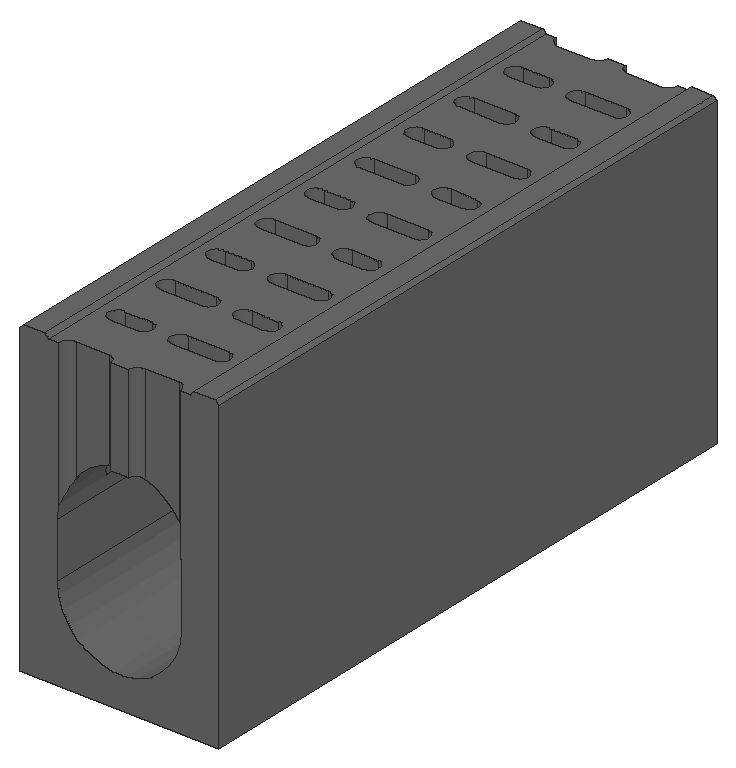
Revit family "Civil-Drainage-Channel-ACO-RoadDrain 100_Watermarked", category Generic Models, host Floor, Revit 2013
Parameters (values of type "32101 - PD100 F 10.1 Channel 500mm LG")
  e-mail Technical = "technical@aco.co.uk"
  e-mail Sales = "customersupport@aco.co.uk"
  Watermarked With = "BIM Manager Premium Suite"
  Watermarked By = "www.aco.co.uk"
  Watermark 2 = "This file is water marked and users are prohibited to reproduce, adapt, distribute this information"
  Watermark 1 = "This file is the property of ACO Technologies PLC"
  WarrantyStartDate = ""
  WarrantyDuration = ""
  TypeName = ""
  Telephone = "+44 (0)1462 816666"
  TagNumber = "0.000000"
  SerialNumber = "0.000000"
  Product brochure = "http://www.aco.co.uk/download.php?id=256"
  Product Weight = "22.4 Kg"
  Product Standard = "BE EN1433:2002, CE Marked, Kitemarked"
  Product Page URL = "http://www.aco.co.uk/product_detail.php?id=21"
  Product Dimensions = "500mm x 160mm x 250mm (LxWxH)"
  Product Code = "32101"
  Price = "POA - contact ACO"
  Name = ""
  Model Description = "Monolithic Channel drainage system"
  Maintenance guidelines = "http://www.aco.co.uk/download.php?id=256"
  Load Class = "A 15 - F 900"
  Length [instance] = 500.000 mm
  Invert Depth = "225mm"
  InstallationDate = ""
  Installation guidelines = "http://www.aco.co.uk/download.php?id=256"
  Installation - Concrete Grade = "Refer to brochure"
  Hydraulic Performance = "http://www.aco.co.uk/download.php?id=256"
  Grating Recycled Material Content = "Between 40% - 90%"
  Grating Recyclable = "Fully recyclable"
  Grating Material = "N/A"
  Grating Finish = "N/A"
  Grating Colour = "N/A"
  Fax = "+44 (0)1462 815895"
  Exidentifier = ""
  End Cap Recycled Material Content = "N/A"
  End Cap Recyclable = "N/A"
  End Cap Material = "N/A"
  End Cap Colour = "N/A"
  Custom Void Length [instance] = 500.000 mm - Length  # 0.000 mm
  CreatedBy = "www.aco.co.uk"
  Revision = "1"
  URL = "www.aco.co.uk"
  Type Comments = "ACO RoadDrain 100 PD100F 10.1 Constant Depth Channel 500mm Long"
  Model = "ACO RoadDrain 100 PD100F"
  Manufacturer = "ACO Technologies plc - ACO Water Management Division"
  Created on = ""
  Created by = ""
  Cost = 0
  Connection Pipe O.D = "N/A"
  Connection Pipe Material = "N/A"
  Connection Pipe Colour = "N/A"
  Concrete Surround Volume - Load Class F 900 - Concrete Pavement = "0.22m³"
  Channel Recycled Material Content = "20% minimum"
  Channel Recyclable = "Fully recyclable"
  Channel Material = "Vienite® Synthetic Resin Concrete"
  Channel Colour = "Black"
  Channel C.S.A = "0.012m²"
  COBie Description = ""
  AssetIdentifier = ""
  Assembly Code = "D2040"
  Address = "ACO Business Park, Hitchin Road, Shefford, Bedfordshire, United Kingdom SG17 5TE"
  WFU = ""
  HWFU = ""
  CWFU = ""
  AccessibiltyPerformance = ""
  Access Cover/Frame Recycled Material Content = "N/A"
  Access Cover/Frame Recyclable = "N/A"
  Access Cover/Frame Material = "N/A"
  Access Cover/Frame Finish = "N/A"
  Access Cover/Frame Colour = "N/A"
  Void Depth = -250.000 mm
  Total Depth = 250.000 mm
  Straight Void Start = 0.000 mm
  Straight Void Length [instance] = if(Channel 160mm Wide, Length, if(Inlet Outlet end cap_450 high, 25.000 mm, if(Inlet Outlet end cap_350 high, 25.000 mm, if(Closing End Cap, 25.000 mm, 500.000 mm))))  # 500.000 mm
  Inlet Outlet end cap_450 high = no
  Inlet Outlet end cap_350 high = no
  I/O End Cap Void = 3000.000 mm
  Grating 500mm = no
  Channel 160mm Wide = yes
  Access unit = no
  Invert Depth. = 175.000 mm
  Closing End Cap = no
  ACO Hydraulic Design Software = "http://www.acodesign.co.uk"
  32900 - Sump Unit = no
Reference planes
  plane 1 "Center (Front/Back)": y = 0
  plane 2: z = 0
  plane 3 "Center (Left/Right)": x = 0
Forms (mm)
  Extrusion 1, void
    sketch origin (-57, 100, -3) x (0, 1, 0) y (1, 0, 0)
      loop
        line (-57.5, 98.5) -> (-57.5, 65.5)
        arc (-57.5, 65.5) -> (-50, 58) -> (-42.5, 65.5) r 7.5
        line (-42.5, 65.5) -> (-42.5, 98.5)
        arc (-42.5, 98.5) -> (-50, 106) -> (-57.5, 98.5) r 7.5
      loop
        line (-57.5, 36.5) -> (-57.5, 15.5)
        arc (-57.5, 15.5) -> (-50, 8) -> (-42.5, 15.5) r 7.5
        line (-42.5, 15.5) -> (-42.5, 36.5)
        arc (-42.5, 36.5) -> (-50, 44) -> (-57.5, 36.5) r 7.5
    from 0 to 125.173
  Extrusion 2, void
    sketch origin (57, 0, -3) x (0, -1, 0) y (-1, 0, 0)
      loop
        line (-107.5, 98.5) -> (-107.5, 65.5)
        arc (-107.5, 65.5) -> (-100, 58) -> (-92.5, 65.5) r 7.5
        line (-92.5, 65.5) -> (-92.5, 98.5)
        arc (-92.5, 98.5) -> (-100, 106) -> (-107.5, 98.5) r 7.5
      loop
        line (-107.5, 36.5) -> (-107.5, 15.5)
        arc (-107.5, 15.5) -> (-100, 8) -> (-92.5, 15.5) r 7.5
        line (-92.5, 15.5) -> (-92.5, 36.5)
        arc (-92.5, 36.5) -> (-100, 44) -> (-107.5, 36.5) r 7.5
      loop
        line (-207.5, 98.5) -> (-207.5, 65.5)
        arc (-207.5, 65.5) -> (-200, 58) -> (-192.5, 65.5) r 7.5
        line (-192.5, 65.5) -> (-192.5, 98.5)
        arc (-192.5, 98.5) -> (-200, 106) -> (-207.5, 98.5) r 7.5
      loop
        line (-207.5, 36.5) -> (-207.5, 15.5)
        arc (-207.5, 15.5) -> (-200, 8) -> (-192.5, 15.5) r 7.5
        line (-192.5, 15.5) -> (-192.5, 36.5)
        arc (-192.5, 36.5) -> (-200, 44) -> (-207.5, 36.5) r 7.5
      loop
        line (-307.5, 98.5) -> (-307.5, 65.5)
        arc (-307.5, 65.5) -> (-300, 58) -> (-292.5, 65.5) r 7.5
        line (-292.5, 65.5) -> (-292.5, 98.5)
        arc (-292.5, 98.5) -> (-300, 106) -> (-307.5, 98.5) r 7.5
      loop
        line (-307.5, 36.5) -> (-307.5, 15.5)
        arc (-307.5, 15.5) -> (-300, 8) -> (-292.5, 15.5) r 7.5
        line (-292.5, 15.5) -> (-292.5, 36.5)
        arc (-292.5, 36.5) -> (-300, 44) -> (-307.5, 36.5) r 7.5
      loop
        line (-407.5, 98.5) -> (-407.5, 65.5)
        arc (-407.5, 65.5) -> (-400, 58) -> (-392.5, 65.5) r 7.5
        line (-392.5, 65.5) -> (-392.5, 98.5)
        arc (-392.5, 98.5) -> (-400, 106) -> (-407.5, 98.5) r 7.5
      loop
        line (-407.5, 36.5) -> (-407.5, 15.5)
        arc (-407.5, 15.5) -> (-400, 8) -> (-392.5, 15.5) r 7.5
        line (-392.5, 15.5) -> (-392.5, 36.5)
        arc (-392.5, 36.5) -> (-400, 44) -> (-407.5, 36.5) r 7.5
      loop
        arc (-7.5, 15.5) -> (-5.303, 10.197) -> (0, 8) r 7.5
        line (0, 8) -> (0, 49.963)
        arc (0, 49.963) -> (-5.303, 47.767) -> (-7.5, 42.463) r 7.5
        line (-7.5, 42.463) -> (-7.5, 15.5)
      loop
        arc (-7.5, 71.5) -> (-5.303, 66.197) -> (0, 64) r 7.5
        line (0, 64) -> (0, 106)
        arc (0, 106) -> (-5.303, 103.803) -> (-7.5, 98.5) r 7.5
        line (-7.5, 98.5) -> (-7.5, 71.5)
      loop
        line (-492.5, 15.5) -> (-492.5, 42.463)
        arc (-492.5, 42.463) -> (-494.697, 47.767) -> (-500, 49.963) r 7.5
        line (-500, 49.963) -> (-500, 8)
        arc (-500, 8) -> (-494.697, 10.197) -> (-492.5, 15.5) r 7.5
      loop
        line (-492.5, 71.5) -> (-492.5, 98.5)
        arc (-492.5, 98.5) -> (-494.697, 103.803) -> (-500, 106) r 7.5
        line (-500, 106) -> (-500, 64)
        arc (-500, 64) -> (-494.697, 66.197) -> (-492.5, 71.5) r 7.5
    from 0 to 125.173
  Extrusion 3, void
    sketch origin (57, 0, -3) x (0, -1, 0) y (-1, 0, 0)
      loop
        line (-142.5, 15.5) -> (-142.5, 48.5)
        arc (-142.5, 48.5) -> (-150, 56) -> (-157.5, 48.5) r 7.5
        line (-157.5, 48.5) -> (-157.5, 15.5)
        arc (-157.5, 15.5) -> (-150, 8) -> (-142.5, 15.5) r 7.5
      loop
        line (-142.5, 77.5) -> (-142.5, 98.5)
        arc (-142.5, 98.5) -> (-150, 106) -> (-157.5, 98.5) r 7.5
        line (-157.5, 98.5) -> (-157.5, 77.5)
        arc (-157.5, 77.5) -> (-150, 70) -> (-142.5, 77.5) r 7.5
    from 0 to 125.173
  Extrusion 4, void
    sketch origin (57, 0, -3) x (0, -1, 0) y (-1, 0, 0)
      loop
        line (-242.5, 15.5) -> (-242.5, 48.5)
        arc (-242.5, 48.5) -> (-250, 56) -> (-257.5, 48.5) r 7.5
        line (-257.5, 48.5) -> (-257.5, 15.5)
        arc (-257.5, 15.5) -> (-250, 8) -> (-242.5, 15.5) r 7.5
      loop
        line (-242.5, 77.5) -> (-242.5, 98.5)
        arc (-242.5, 98.5) -> (-250, 106) -> (-257.5, 98.5) r 7.5
        line (-257.5, 98.5) -> (-257.5, 77.5)
        arc (-257.5, 77.5) -> (-250, 70) -> (-242.5, 77.5) r 7.5
      loop
        line (-342.5, 15.5) -> (-342.5, 48.5)
        arc (-342.5, 48.5) -> (-350, 56) -> (-357.5, 48.5) r 7.5
        line (-357.5, 48.5) -> (-357.5, 15.5)
        arc (-357.5, 15.5) -> (-350, 8) -> (-342.5, 15.5) r 7.5
      loop
        line (-342.5, 77.5) -> (-342.5, 98.5)
        arc (-342.5, 98.5) -> (-350, 106) -> (-357.5, 98.5) r 7.5
        line (-357.5, 98.5) -> (-357.5, 77.5)
        arc (-357.5, 77.5) -> (-350, 70) -> (-342.5, 77.5) r 7.5
      loop
        line (-442.5, 15.5) -> (-442.5, 48.5)
        arc (-442.5, 48.5) -> (-450, 56) -> (-457.5, 48.5) r 7.5
        line (-457.5, 48.5) -> (-457.5, 15.5)
        arc (-457.5, 15.5) -> (-450, 8) -> (-442.5, 15.5) r 7.5
      loop
        line (-442.5, 77.5) -> (-442.5, 98.5)
        arc (-442.5, 98.5) -> (-450, 106) -> (-457.5, 98.5) r 7.5
        line (-457.5, 98.5) -> (-457.5, 77.5)
        arc (-457.5, 77.5) -> (-450, 70) -> (-442.5, 77.5) r 7.5
    from 0 to 125.173
  Extrusion 5, solid, material "Acetal Resin, Black", visible <- "Channel 160mm Wide"
    sketch origin (-1719.728, 0, -49.389) x (1, 0, 0) y (0, 0, 1)
      loop
        line (1639.728, -200.611) -> (1799.728, -200.611) -> (1799.728, 46.389) -> (1796.728, 49.389) -> (1779.728, 49.389) -> (1776.728, 46.389) -> (1662.728, 46.389) -> (1659.728, 49.389) -> (1642.728, 49.389) -> (1639.728, 46.389) -> (1639.728, -200.611)
      loop
        line (1769.728, -125.611) -> (1769.728, -80.65)
        arc (1769.728, -80.65) -> (1719.728, -30.65) -> (1669.728, -80.65) r 50
        line (1669.728, -80.65) -> (1669.728, -125.611)
        arc (1669.728, -125.611) -> (1719.728, -175.611) -> (1769.728, -125.611) r 50
    from 0 to -500
  Extrusion 6, solid, material "Acetal Resin, Black", visible <- "Access unit"
    sketch origin (-79.75, 500, -3) x (1, 0, 0) y (0, 1, 0)
      loop
        line (24.75, -250) -> (24.75, -390) -> (134.75, -390) -> (134.75, -110) -> (24.75, -110) -> (24.75, -250)
    from -2 to 2
  Extrusion 7, solid, material "Acetal Resin, Black", visible <- "Access unit"
    sketch origin (-284.75, 500, 128.364) x (-1, 0, 0) y (0, 0, 1)
      loop
        line (-204.75, -378.364) -> (-204.75, -131.364) -> (-207.75, -128.364) -> (-224.75, -128.364) -> (-227.75, -131.364) -> (-341.75, -131.364) -> (-344.75, -128.364) -> (-361.75, -128.364) -> (-364.75, -131.364) -> (-364.75, -378.364) -> (-204.75, -378.364)
      loop
        line (-235, -303.364) -> (-235, -258.36)
        arc (-235, -258.36) -> (-285, -208.36) -> (-335, -258.36) r 50
        line (-335, -258.36) -> (-335, -303.364)
        arc (-335, -303.364) -> (-285, -353.364) -> (-235, -303.364) r 50
    from 0 to -500
  Extrusion 8, void
    sketch origin (-79.75, 500, -3) x (0, 1, 0) y (1, 0, 0)
      loop
        arc (-492.5, 121.25) -> (-494.697, 126.553) -> (-500, 128.75) r 7.5
        line (-500, 128.75) -> (-500, 86.75)
        arc (-500, 86.75) -> (-494.697, 88.946) -> (-492.5, 94.25) r 7.5
        line (-492.5, 94.25) -> (-492.5, 121.25)
      loop
        arc (-492.5, 65.25) -> (-494.697, 70.553) -> (-500, 72.75) r 7.5
        line (-500, 72.75) -> (-500, 30.75)
        arc (-500, 30.75) -> (-494.697, 32.947) -> (-492.5, 38.25) r 7.5
        line (-492.5, 38.25) -> (-492.5, 65.25)
      loop
        line (-7.5, 121.25) -> (-7.5, 94.25)
        arc (-7.5, 94.25) -> (-5.303, 88.946) -> (0, 86.75) r 7.5
        line (0, 86.75) -> (0, 128.75)
        arc (0, 128.75) -> (-5.303, 126.553) -> (-7.5, 121.25) r 7.5
      loop
        line (-7.5, 65.25) -> (-7.5, 38.25)
        arc (-7.5, 38.25) -> (-5.303, 32.947) -> (0, 30.75) r 7.5
        line (0, 30.75) -> (0, 72.75)
        arc (0, 72.75) -> (-5.303, 70.553) -> (-7.5, 65.25) r 7.5
    from 0 to 127.044
  Extrusion 9, void
    sketch origin (-80, 500, -250) x (-1, 0, 0) y (0, -1, 0)
      loop
        circle (-80, 250) r 55
    from 0 to 10
  Extrusion 10, solid, material "Acetal Resin, Black", visible <- "Inlet Outlet end cap_350 high"
    sketch origin (255, 0, 130) x (-1, 0, 0) y (0, 0, -1)
      loop
        line (335, 480) -> (175, 480) -> (175, 133) -> (178, 130) -> (195, 130) -> (198, 133) -> (312, 133) -> (315, 130) -> (332, 130) -> (335, 133) -> (335, 480)
    from 0 to -25
  Blend 11, solid, material "Acetal Resin, Black", visible <- "Inlet Outlet end cap_350 high"
    base sketch origin (254.375, 25, 136.975) x (1, 0, 0) y (0, 0, -1)
      loop
        arc (-308.543, 318.516) -> (-255.043, 265.016) -> (-201.543, 318.516) r 53.5
        line (-201.543, 318.516) -> (-201.543, 408.516)
        arc (-201.543, 408.516) -> (-255.043, 462.016) -> (-308.543, 408.516) r 53.5
        line (-308.543, 408.516) -> (-308.543, 318.516)
    top sketch origin (254.375, 25, 136.975) x (-1, 0, 0) y (0, 0, -1)
      loop
        circle (255.043, 382.016) r 80
    from 0 to 30
  Blend 12, void
    base sketch origin (254.082, 25, 135.595) x (1, 0, 0) y (0, 0, -1)
      loop
        line (-205.032, 319.307) -> (-205.032, 409.303)
        arc (-205.032, 409.303) -> (-255.032, 459.303) -> (-305.032, 409.303) r 50
        line (-305.032, 409.303) -> (-305.032, 319.307)
        arc (-305.032, 319.307) -> (-255.032, 269.307) -> (-205.032, 319.307) r 50
    top sketch origin (254.082, 25, 135.595) x (1, 0, 0) y (0, 0, -1)
      loop
        circle (-255.032, 382.803) r 76.5
    from 0 to 30
  Extrusion 13, solid, material "Acetal Resin, Black", visible <- "Inlet Outlet end cap_350 high"
    sketch origin (255.79, 55, 132.605) x (1, 0, 0) y (0, 0, -1)
      loop
        circle (-256.459, 377.645) r 80
      loop
        circle (-256.459, 377.645) r 78.25
    from 0 to 125
  Extrusion 14, void
    sketch origin (254.07, 0, 132.5) x (1, 0, 0) y (0, 0, -1)
      loop
        line (-305.02, 406.216) -> (-305.02, 316.216)
        arc (-305.02, 316.216) -> (-255.02, 266.216) -> (-205.02, 316.216) r 50
        line (-205.02, 316.216) -> (-205.02, 406.216)
        arc (-205.02, 406.216) -> (-255.02, 456.216) -> (-305.02, 406.216) r 50
    from 0 to 25
  Extrusion 15, solid, material "Acetal Resin, Black", visible <- "Inlet Outlet end cap_450 high"
    sketch origin (-485, 0, 130) x (1, 0, 0) y (0, 0, 1)
      loop
        line (565, -580) -> (565, -133) -> (562, -130) -> (545, -130) -> (542, -133) -> (428, -133) -> (425, -130) -> (408, -130) -> (405, -133) -> (405, -580) -> (565, -580)
    from 0 to -25
  Blend 16, solid, material "Acetal Resin, Black", visible <- "Inlet Outlet end cap_450 high"
    base sketch origin (-484.375, 25, 136.975) x (-1, 0, 0) y (0, 0, 1)
      loop
        line (-538.543, -418.516) -> (-538.543, -508.516)
        arc (-538.543, -508.516) -> (-485.043, -562.016) -> (-431.543, -508.516) r 53.5
        line (-431.543, -508.516) -> (-431.543, -418.516)
        arc (-431.543, -418.516) -> (-485.043, -365.016) -> (-538.543, -418.516) r 53.5
    top sketch origin (-484.375, 25, 136.975) x (1, 0, 0) y (0, 0, 1)
      loop
        circle (485.043, -482.016) r 80
    from 0 to 30
  Blend 17, void
    base sketch origin (-484.082, 25, 36.013) x (-1, 0, 0) y (0, 0, 1)
      loop
        arc (-435.032, -319.307) -> (-485.032, -269.307) -> (-535.032, -319.307) r 50
        line (-535.032, -319.307) -> (-535.032, -409.303)
        arc (-535.032, -409.303) -> (-485.032, -459.303) -> (-435.032, -409.303) r 50
        line (-435.032, -409.303) -> (-435.032, -319.307)
    top sketch origin (-484.082, 25, 36.013) x (-1, 0, 0) y (0, 0, 1)
      loop
        circle (-485.032, -382.803) r 76.5
    from 0 to 30
  Extrusion 18, solid, material "Acetal Resin, Black", visible <- "Inlet Outlet end cap_450 high"
    sketch origin (-485.79, 55, 132.605) x (-1, 0, 0) y (0, 0, 1)
      loop
        circle (-486.459, -477.645) r 80
      loop
        circle (-486.459, -477.645) r 78.25
    from 0 to 125
  Extrusion 19, void
    sketch origin (-484.07, 0, 132.922) x (-1, 0, 0) y (0, 0, 1)
      loop
        arc (-535.02, -506.216) -> (-485.02, -556.216) -> (-435.02, -506.216) r 50
        line (-435.02, -506.216) -> (-435.02, -416.216)
        arc (-435.02, -416.216) -> (-485.02, -366.216) -> (-535.02, -416.216) r 50
        line (-535.02, -416.216) -> (-535.02, -506.216)
    from 0 to 25
  Extrusion 20, solid, material "Acetal Resin, Black", visible <- "Closing End Cap"
    sketch origin (198.995, 0, 130) x (1, 0, 0) y (0, 0, 1)
      loop
        line (-118.995, -580) -> (-118.995, -133) -> (-121.995, -130) -> (-138.995, -130) -> (-141.995, -133) -> (-255.995, -133) -> (-258.995, -130) -> (-275.995, -130) -> (-278.995, -133) -> (-278.995, -580) -> (-118.995, -580)
    from 0 to -25
  Extrusion 21, solid, material "Acetal Resin, Black", visible <- "32900 - Sump Unit"
    sketch origin (-2240, 0, 0) x (1, 0, 0) y (0, 0, 1)
      loop
        line (2171.003, 0) -> (2160, 0) -> (2160, -665) -> (2320, -665) -> (2320, 0) -> (2308.98, 0) -> (2308.98, -30) -> (2302.5, -30) -> (2302.5, -230)
        arc (2302.5, -230) -> (2240, -292.5) -> (2177.5, -230) r 62.5
        line (2177.5, -230) -> (2177.5, -30) -> (2171.003, -30) -> (2171.003, 0)
    from 0 to -500
  Extrusion 22, void
    sketch origin (80, 520, -325.5) x (0, 0, 1) y (-1, 0, 0)
      loop
        circle (-94.5, 80) r 60
      loop
        circle (-254.5, 80) r 60
    from 0 to 25.5
  Extrusion 23, void
    sketch origin (-67.5, 0, -665) x (-1, 0, 0) y (0, -1, 0)
      loop
        line (-120.217, -25.5) -> (-120.217, -474.5) -> (-16.73, -474.5) -> (-16.73, -25.5) -> (-120.217, -25.5)
    from 20 to 415
  Extrusion 24, solid, material "Plastic, Opaque Black", visible <- "32900 - Sump Unit"
    sketch origin (-2240, 500, 9.201) x (-1, 0, 0) y (0, 0, 1)
      loop
        arc (-2301.9, -239.5) -> (-2239.7, -301.7) -> (-2177.5, -239.5) r 62.2
        line (-2177.5, -239.5) -> (-2177.5, -60) -> (-2246.241, -60) -> (-2301.9, -60) -> (-2301.9, -239.5)
    from 0 to -5
  Extrusion 25, solid, material "Plastic, Opaque Black", visible <- "32900 - Sump Unit"
    sketch origin (-2240, 0, 0) x (1, 0, 0) y (0, 0, 1)
      loop
        line (2302.5, -230) -> (2302.5, -50.799) -> (2238.952, -50.799) -> (2177.5, -50.799) -> (2177.5, -230)
        arc (2177.5, -230) -> (2240, -292.5) -> (2302.5, -230) r 62.5
    from 0 to -5
  Extrusion 26, void
    sketch origin (80, 0, -150) x (0, 0, -1) y (0, -1, 0)
      loop
        circle (176, -250) r 55
      loop
        circle (410, -250) r 80
    from 15 to 25
  Extrusion 27, void
    sketch origin (-80, 0, 0) x (0, 0, 1) y (0, -1, 0)
      loop
        circle (-420, -250) r 60
      loop
        circle (-580, -250) r 60
    from 0 to 25.5
  Extrusion 28, solid, material "Plastic, Opaque Black", visible <- "32900 - Sump Unit"
    sketch origin (72.5, 520, -325.5) x (0, 0, -1) y (-1, 0, 0)
      loop
        circle (94.5, 72.5) r 60
      loop
        circle (94.5, 72.5) r 55
    from -25 to 0
  Extrusion 29, solid, material "Plastic, Opaque Black", visible <- "32900 - Sump Unit"
    sketch origin (80, 520, -325.5) x (0, 0, -1) y (-1, 0, 0)
      loop
        circle (254.5, 80) r 60
      loop
        circle (254.5, 80) r 55
    from -25 to 0
  Extrusion 30, solid, material "Plastic, Opaque Black", visible <- "32900 - Sump Unit"
    sketch origin (-80, 0, 0) x (0, 0, -1) y (0, -1, 0)
      loop
        circle (420, -250) r 60
      loop
        circle (420, -250) r 55
    from -25 to 0
  Extrusion 31, solid, material "Plastic, Opaque Black", visible <- "32900 - Sump Unit"
    sketch origin (-80, 0, 0) x (0, 0, -1) y (0, -1, 0)
      loop
        circle (580, -250) r 60
      loop
        circle (580, -250) r 55
    from -25 to 0
  Extrusion 32, solid, material "Phenolic Resin", visible <- "32900 - Sump Unit"
    sketch origin (80, 520, -325.5) x (0, 0, -1) y (-1, 0, 0)
      loop
        circle (94.5, 80) r 55
      loop
        circle (254.5, 80) r 55
    from 0 to -10
  Extrusion 33, solid, material "Phenolic Resin", visible <- "32900 - Sump Unit"
    sketch origin (-80, 0, 0) x (0, 0, -1) y (0, -1, 0)
      loop
        circle (420, -250) r 55
      loop
        circle (580, -250) r 55
    from -15 to -25
  Extrusion 34, solid, material "Acetal Resin, Black", visible <- "Grating 500mm"
    sketch origin (-63.27, 0, 0) x (-1, 0, 0) y (0, -1, 0)
      loop
        line (5.727, -500) -> (5.727, 0) -> (-12.75, 0)
        arc (-12.75, 0) -> (-14.485, -4.765) -> (-19.25, -6.5) r 6
        line (-19.25, -6.5) -> (-51.75, -6.5)
        arc (-51.75, -6.5) -> (-56.515, -4.765) -> (-58.25, 0) r 6
        line (-58.25, 0) -> (-68.25, 0)
        arc (-68.25, 0) -> (-69.985, -4.765) -> (-74.75, -6.5) r 6
        line (-74.75, -6.5) -> (-107.25, -6.5)
        arc (-107.25, -6.5) -> (-112.015, -4.765) -> (-113.75, 0) r 6
        line (-113.75, 0) -> (-132.25, 0) -> (-132.25, -500) -> (-113.75, -500)
        arc (-113.75, -500) -> (-112.015, -495.235) -> (-107.25, -493.5) r 6
        line (-107.25, -493.5) -> (-74.75, -493.5)
        arc (-74.75, -493.5) -> (-69.985, -495.235) -> (-68.25, -500) r 6
        line (-68.25, -500) -> (-58.25, -500)
        arc (-58.25, -500) -> (-56.515, -495.235) -> (-51.75, -493.5) r 6
        line (-51.75, -493.5) -> (-19.25, -493.5)
        arc (-19.25, -493.5) -> (-14.485, -495.235) -> (-12.75, -500) r 6
        line (-12.75, -500) -> (5.727, -500)
      loop
        line (-18.75, -463.7) -> (-58.75, -463.7)
        arc (-58.75, -463.7) -> (-64.75, -469.7) -> (-58.75, -475.7) r 6
        line (-58.75, -475.7) -> (-18.75, -475.7)
        arc (-18.75, -475.7) -> (-12.75, -469.7) -> (-18.75, -463.7) r 6
      loop
        line (-80.75, -463.7) -> (-107.75, -463.7)
        arc (-107.75, -463.7) -> (-113.75, -469.7) -> (-107.75, -475.7) r 6
        line (-107.75, -475.7) -> (-80.75, -475.7)
        arc (-80.75, -475.7) -> (-74.75, -469.7) -> (-80.75, -463.7) r 6
      loop
        line (-107.75, -449.4) -> (-67.75, -449.4)
        arc (-67.75, -449.4) -> (-61.75, -443.4) -> (-67.75, -437.4) r 6
        line (-67.75, -437.4) -> (-107.75, -437.4)
        arc (-107.75, -437.4) -> (-113.75, -443.4) -> (-107.75, -449.4) r 6
      loop
        line (-45.75, -449.4) -> (-18.75, -449.4)
        arc (-18.75, -449.4) -> (-12.75, -443.4) -> (-18.75, -437.4) r 6
        line (-18.75, -437.4) -> (-45.75, -437.4)
        arc (-45.75, -437.4) -> (-51.75, -443.4) -> (-45.75, -449.4) r 6
      loop
        line (-18.75, -409.7) -> (-58.75, -409.7)
        arc (-58.75, -409.7) -> (-64.75, -415.7) -> (-58.75, -421.7) r 6
        line (-58.75, -421.7) -> (-18.75, -421.7)
        arc (-18.75, -421.7) -> (-12.75, -415.7) -> (-18.75, -409.7) r 6
      loop
        line (-80.75, -409.7) -> (-107.75, -409.7)
        arc (-107.75, -409.7) -> (-113.75, -415.7) -> (-107.75, -421.7) r 6
        line (-107.75, -421.7) -> (-80.75, -421.7)
        arc (-80.75, -421.7) -> (-74.75, -415.7) -> (-80.75, -409.7) r 6
      loop
        line (-107.75, -394) -> (-67.75, -394)
        arc (-67.75, -394) -> (-61.75, -388) -> (-67.75, -382) r 6
        line (-67.75, -382) -> (-107.75, -382)
        arc (-107.75, -382) -> (-113.75, -388) -> (-107.75, -394) r 6
      loop
        line (-45.75, -394) -> (-18.75, -394)
        arc (-18.75, -394) -> (-12.75, -388) -> (-18.75, -382) r 6
        line (-18.75, -382) -> (-45.75, -382)
        arc (-45.75, -382) -> (-51.75, -388) -> (-45.75, -394) r 6
      loop
        line (-18.75, -354.3) -> (-58.75, -354.3)
        arc (-58.75, -354.3) -> (-64.75, -360.3) -> (-58.75, -366.3) r 6
        line (-58.75, -366.3) -> (-18.75, -366.3)
        arc (-18.75, -366.3) -> (-12.75, -360.3) -> (-18.75, -354.3) r 6
      loop
        line (-80.75, -354.3) -> (-107.75, -354.3)
        arc (-107.75, -354.3) -> (-113.75, -360.3) -> (-107.75, -366.3) r 6
        line (-107.75, -366.3) -> (-80.75, -366.3)
        arc (-80.75, -366.3) -> (-74.75, -360.3) -> (-80.75, -354.3) r 6
      loop
        line (-107.75, -338.6) -> (-67.75, -338.6)
        arc (-67.75, -338.6) -> (-61.75, -332.6) -> (-67.75, -326.6) r 6
        line (-67.75, -326.6) -> (-107.75, -326.6)
        arc (-107.75, -326.6) -> (-113.75, -332.6) -> (-107.75, -338.6) r 6
      loop
        line (-45.75, -338.6) -> (-18.75, -338.6)
        arc (-18.75, -338.6) -> (-12.75, -332.6) -> (-18.75, -326.6) r 6
        line (-18.75, -326.6) -> (-45.75, -326.6)
        arc (-45.75, -326.6) -> (-51.75, -332.6) -> (-45.75, -338.6) r 6
      loop
        line (-18.75, -298.9) -> (-58.75, -298.9)
        arc (-58.75, -298.9) -> (-64.75, -304.9) -> (-58.75, -310.9) r 6
        line (-58.75, -310.9) -> (-18.75, -310.9)
        arc (-18.75, -310.9) -> (-12.75, -304.9) -> (-18.75, -298.9) r 6
      loop
        line (-80.75, -298.9) -> (-107.75, -298.9)
        arc (-107.75, -298.9) -> (-113.75, -304.9) -> (-107.75, -310.9) r 6
        line (-107.75, -310.9) -> (-80.75, -310.9)
        arc (-80.75, -310.9) -> (-74.75, -304.9) -> (-80.75, -298.9) r 6
      loop
        line (-107.75, -283.2) -> (-67.75, -283.2)
        arc (-67.75, -283.2) -> (-61.75, -277.2) -> (-67.75, -271.2) r 6
        line (-67.75, -271.2) -> (-107.75, -271.2)
        arc (-107.75, -271.2) -> (-113.75, -277.2) -> (-107.75, -283.2) r 6
      loop
        line (-45.75, -283.2) -> (-18.75, -283.2)
        arc (-18.75, -283.2) -> (-12.75, -277.2) -> (-18.75, -271.2) r 6
        line (-18.75, -271.2) -> (-45.75, -271.2)
        arc (-45.75, -271.2) -> (-51.75, -277.2) -> (-45.75, -283.2) r 6
      loop
        line (-18.75, -243.5) -> (-58.75, -243.5)
        arc (-58.75, -243.5) -> (-64.75, -249.5) -> (-58.75, -255.5) r 6
        line (-58.75, -255.5) -> (-18.75, -255.5)
        arc (-18.75, -255.5) -> (-12.75, -249.5) -> (-18.75, -243.5) r 6
      loop
        line (-80.75, -243.5) -> (-107.75, -243.5)
        arc (-107.75, -243.5) -> (-113.75, -249.5) -> (-107.75, -255.5) r 6
        line (-107.75, -255.5) -> (-80.75, -255.5)
        arc (-80.75, -255.5) -> (-74.75, -249.5) -> (-80.75, -243.5) r 6
      loop
        line (-107.75, -227.8) -> (-67.75, -227.8)
        arc (-67.75, -227.8) -> (-61.75, -221.8) -> (-67.75, -215.8) r 6
        line (-67.75, -215.8) -> (-107.75, -215.8)
        arc (-107.75, -215.8) -> (-113.75, -221.8) -> (-107.75, -227.8) r 6
      loop
        line (-45.75, -227.8) -> (-18.75, -227.8)
        arc (-18.75, -227.8) -> (-12.75, -221.8) -> (-18.75, -215.8) r 6
        line (-18.75, -215.8) -> (-45.75, -215.8)
        arc (-45.75, -215.8) -> (-51.75, -221.8) -> (-45.75, -227.8) r 6
      loop
        line (-18.75, -188.3) -> (-58.75, -188.3)
        arc (-58.75, -188.3) -> (-64.75, -194.3) -> (-58.75, -200.3) r 6
        line (-58.75, -200.3) -> (-18.75, -200.3)
        arc (-18.75, -200.3) -> (-12.75, -194.3) -> (-18.75, -188.3) r 6
      loop
        line (-80.75, -188.3) -> (-107.75, -188.3)
        arc (-107.75, -188.3) -> (-113.75, -194.3) -> (-107.75, -200.3) r 6
        line (-107.75, -200.3) -> (-80.75, -200.3)
        arc (-80.75, -200.3) -> (-74.75, -194.3) -> (-80.75, -188.3) r 6
      loop
        line (-107.75, -172.4) -> (-67.75, -172.4)
        arc (-67.75, -172.4) -> (-61.75, -166.4) -> (-67.75, -160.4) r 6
        line (-67.75, -160.4) -> (-107.75, -160.4)
        arc (-107.75, -160.4) -> (-113.75, -166.4) -> (-107.75, -172.4) r 6
      loop
        line (-45.75, -172.4) -> (-18.75, -172.4)
        arc (-18.75, -172.4) -> (-12.75, -166.4) -> (-18.75, -160.4) r 6
        line (-18.75, -160.4) -> (-45.75, -160.4)
        arc (-45.75, -160.4) -> (-51.75, -166.4) -> (-45.75, -172.4) r 6
      loop
        line (-18.75, -132.7) -> (-58.75, -132.7)
        arc (-58.75, -132.7) -> (-64.75, -138.7) -> (-58.75, -144.7) r 6
        line (-58.75, -144.7) -> (-18.75, -144.7)
        arc (-18.75, -144.7) -> (-12.75, -138.7) -> (-18.75, -132.7) r 6
      loop
        line (-80.75, -132.7) -> (-107.75, -132.7)
        arc (-107.75, -132.7) -> (-113.75, -138.7) -> (-107.75, -144.7) r 6
        line (-107.75, -144.7) -> (-80.75, -144.7)
        arc (-80.75, -144.7) -> (-74.75, -138.7) -> (-80.75, -132.7) r 6
      loop
        line (-107.75, -117) -> (-67.75, -117)
        arc (-67.75, -117) -> (-61.75, -111) -> (-67.75, -105) r 6
        line (-67.75, -105) -> (-107.75, -105)
        arc (-107.75, -105) -> (-113.75, -111) -> (-107.75, -117) r 6
      loop
        line (-45.75, -117) -> (-18.75, -117)
        arc (-18.75, -117) -> (-12.75, -111) -> (-18.75, -105) r 6
        line (-18.75, -105) -> (-45.75, -105)
        arc (-45.75, -105) -> (-51.75, -111) -> (-45.75, -117) r 6
      loop
        line (-18.75, -77.3) -> (-58.75, -77.3)
        arc (-58.75, -77.3) -> (-64.75, -83.3) -> (-58.75, -89.3) r 6
        line (-58.75, -89.3) -> (-18.75, -89.3)
        arc (-18.75, -89.3) -> (-12.75, -83.3) -> (-18.75, -77.3) r 6
      loop
        line (-80.75, -77.3) -> (-107.75, -77.3)
        arc (-107.75, -77.3) -> (-113.75, -83.3) -> (-107.75, -89.3) r 6
        line (-107.75, -89.3) -> (-80.75, -89.3)
        arc (-80.75, -89.3) -> (-74.75, -83.3) -> (-80.75, -77.3) r 6
      loop
        line (-107.75, -61.6) -> (-67.75, -61.6)
        arc (-67.75, -61.6) -> (-61.75, -55.6) -> (-67.75, -49.6) r 6
        line (-67.75, -49.6) -> (-107.75, -49.6)
        arc (-107.75, -49.6) -> (-113.75, -55.6) -> (-107.75, -61.6) r 6
      loop
        line (-45.75, -61.6) -> (-18.75, -61.6)
        arc (-18.75, -61.6) -> (-12.75, -55.6) -> (-18.75, -49.6) r 6
        line (-18.75, -49.6) -> (-45.75, -49.6)
        arc (-45.75, -49.6) -> (-51.75, -55.6) -> (-45.75, -61.6) r 6
      loop
        line (-18.75, -21.9) -> (-58.75, -21.9)
        arc (-58.75, -21.9) -> (-64.75, -27.9) -> (-58.75, -33.9) r 6
        line (-58.75, -33.9) -> (-18.75, -33.9)
        arc (-18.75, -33.9) -> (-12.75, -27.9) -> (-18.75, -21.9) r 6
      loop
        line (-80.75, -21.9) -> (-107.75, -21.9)
        arc (-107.75, -21.9) -> (-113.75, -27.9) -> (-107.75, -33.9) r 6
        line (-107.75, -33.9) -> (-80.75, -33.9)
        arc (-80.75, -33.9) -> (-74.75, -27.9) -> (-80.75, -21.9) r 6
    from 0 to -30
  Extrusion 35, solid, material "Acetal Resin, Black", visible <- "32900 - Sump Unit"
    sketch origin (80, 0, -150) x (0, 0, 1) y (0, -1, 0)
      loop
        line (-175.5, -470) -> (-515, -470) -> (-515, -520) -> (-175.5, -520) -> (-175.5, -470)
    from 0 to -160
  Extrusion 36, void
    sketch origin (80, 520, -325.5) x (0, 0, 1) y (-1, 0, 0)
      loop
        line (0, 145) -> (0, 160) -> (-339.5, 160) -> (-339.5, 145) -> (-292.917, 145)
        arc (-292.917, 145) -> (-255.5, 155) -> (-218.083, 145) r 75
        line (-218.083, 145) -> (-131.917, 145)
        arc (-131.917, 145) -> (-94.5, 155) -> (-57.083, 145) r 75
        line (-57.083, 145) -> (0, 145)
      loop
        line (0, 15) -> (-57.083, 15)
        arc (-57.083, 15) -> (-94.5, 5) -> (-131.917, 15) r 75
        line (-131.917, 15) -> (-218.083, 15)
        arc (-218.083, 15) -> (-255.5, 5) -> (-292.917, 15) r 75
        line (-292.917, 15) -> (-339.5, 15) -> (-339.5, 0) -> (0, 0) -> (0, 15)
    from 0 to 50
  Extrusion 37, void
    sketch origin (0, 0, 0) x (1, 0, 0) y (0, 1, 0)
      loop
        line (80, 0) -> (80, 500) -> (-80, 500) -> (-80, 0) -> (80, 0)
    from 0 <- "Straight Void Start" to -250 <- "Void Depth"
  Extrusion 38, void
    sketch origin (-80, 0, -100) x (0, 0, 1) y (0, -1, 0)
      loop
        line (-2900, -25) -> (-3097, -25) -> (-3097, -180) -> (-2937, -180) -> (-2937, -55) -> (-2900, -25)
    from 0 to 160
  Extrusion 39, void
    sketch origin (80, 0, -150) x (0, 0, -1) y (0, -1, 0)
      loop
        line (515, 0) -> (175, 0) -> (175, -25) -> (-50, -25) -> (-50, -250) -> (-50, -475) -> (200, -475) -> (200, -520) -> (515, -520) -> (515, 0)
    from 0 to 15
  Extrusion 40, void
    sketch origin (-80, 0, 0) x (0, 0, 1) y (0, -1, 0)
      loop
        line (-325, -25) -> (-325, 0) -> (-665, 0) -> (-665, -495) -> (-325.5, -495) -> (-325.5, -475) -> (-100, -475) -> (-100, -250) -> (-100, -25) -> (-325, -25)
    from 0 to 15
  Extrusion 41, void
    sketch origin (-2240, 500, 0) x (1, 0, 0) y (0, 0, 1)
      loop
        line (2239.888, 0) -> (2160, 0) -> (2160, -665) -> (2320, -665) -> (2320, 0) -> (2239.888, 0)
    from -5 to 0 <- "Custom Void Length"
Cuts and joins
  Extrusion 1, Extrusion 2, Extrusion 3, Extrusion 4, Extrusion 41 cuts Extrusion 5
  Extrusion 8, Extrusion 9 cuts Extrusion 7
  Extrusion 14 cuts Extrusion 10
  Blend 12 cuts Blend 11
  Blend 17 cuts Extrusion 13
  Blend 17, Extrusion 19 cuts Extrusion 15
  Blend 17 cuts Blend 16
  Blend 17 cuts Extrusion 18
  Extrusion 22, Extrusion 23, Extrusion 26, Extrusion 27, Extrusion 36, Extrusion 39, Extrusion 40 cuts Extrusion 21
  Extrusion 22, Extrusion 36 cuts Extrusion 35
  joined: Extrusion 21, Extrusion 35
  Extrusion 40 cuts Extrusion 30
  Extrusion 40 cuts Extrusion 31
  Extrusion 41 cuts Extrusion 24
Dimensions and locks
  "Total Depth": plane 2 to Extrusion 5 sketch curve
  "Invert Depth.": plane 2 to Extrusion 5 sketch curve
  "Total Depth": plane 2 to Extrusion 7 sketch curve
  "Invert Depth.": plane 2 to Extrusion 7 sketch curve
  plane 2 to Extrusion 10 sketch curve = 350.000 mm
  "Straight Void Length": Extrusion 37 sketch curve to Extrusion 37 sketch curve
  locked: Extrusion 38 sketch curve to Extrusion 38 sketch curve at 47.634
  locked: Extrusion 38 sketch curve to Extrusion 38 sketch curve at 125
  locked: Extrusion 38 sketch curve to Extrusion 38 sketch curve at 160
  locked: Extrusion 38 sketch curve to Extrusion 38 sketch curve at 155
  locked: Extrusion 38 sketch curve to Extrusion 38 sketch curve at 197
  "I/O End Cap Void": plane 2 to Extrusion 38 sketch curve
  aligned and locked: level to plane 2
Automatic sketch dimensions
  Extrusion 6 sketch curve to Extrusion 7 = 2.000 mm  (x2)
  Extrusion 7 to Extrusion 6 sketch curve = 110.000 mm  (x2)
  Extrusion 6 sketch curve to Extrusion 6 sketch curve = 140.000 mm
  Extrusion 9 sketch curve to Extrusion 7 = 80.000 mm
  Extrusion 9 sketch curve to Extrusion 7 = 250.000 mm
  Extrusion 10 sketch curve to level = 0.000 mm  (x2)
  Extrusion 10 sketch curve to plane 3 "Center (Left/Right)" = 80.000 mm
  level to Extrusion 10 sketch curve = 3.000 mm  (x3)
  Extrusion 10 sketch curve to Extrusion 10 sketch curve = 3.000 mm  (x4)
  Extrusion 10 sketch curve to Extrusion 10 sketch curve = 17.000 mm  (x2)
  Extrusion 10 sketch curve to Extrusion 10 sketch curve = 114.000 mm
  Extrusion 10 sketch curve to Extrusion 10 sketch curve = 0.000 mm  (x2)
  Extrusion 10 to Blend 11 sketch curve = 25.832 mm
  Extrusion 10 to Blend 11 sketch curve = 27.168 mm
  Extrusion 10 to Blend 11 sketch curve = 78.459 mm
  Blend 11 sketch curve to Blend 11 sketch curve = 90.000 mm
  Blend 11 sketch curve to Extrusion 10 = 79.332 mm
  Blend 11 sketch curve to Extrusion 10 = 104.959 mm
  Blend 12 sketch curve to Blend 11 = 3.218 mm
  Blend 12 sketch curve to Blend 11 = 3.782 mm
  Blend 12 sketch curve to Blend 12 sketch curve = 89.996 mm
  Blend 12 sketch curve to Blend 11 = 53.218 mm
  Extrusion 14 sketch curve to Extrusion 10 = 29.049 mm
  Extrusion 14 sketch curve to Extrusion 10 = 76.284 mm
  Extrusion 14 sketch curve to Extrusion 10 = 30.951 mm
  Extrusion 14 sketch curve to Extrusion 14 sketch curve = 90.000 mm
  Extrusion 21 sketch curve to plane 3 "Center (Left/Right)" = 80.000 mm
  Extrusion 21 sketch curve to level = 665.000 mm
  Extrusion 21 sketch curve to Extrusion 21 sketch curve = 11.003 mm
  Extrusion 21 sketch curve to Extrusion 21 sketch curve = 6.497 mm
  Extrusion 21 sketch curve to level = 30.000 mm  (x2)
  Extrusion 21 sketch curve to Extrusion 21 sketch curve = 125.000 mm
  Extrusion 21 sketch curve to Extrusion 21 sketch curve = 6.480 mm
  Extrusion 21 sketch curve to Extrusion 21 sketch curve = 160.000 mm
  Extrusion 21 sketch curve to Extrusion 21 sketch curve = 200.000 mm
  Extrusion 21 sketch curve to Extrusion 21 sketch curve = 30.000 mm  (x2)
  Extrusion 21 to Extrusion 23 sketch curve = 27.283 mm
  Extrusion 23 sketch curve to Extrusion 21 = 25.500 mm  (x2)
  Extrusion 23 sketch curve to Extrusion 21 = 29.230 mm
  Extrusion 24 sketch curve to Extrusion 21 = 0.000 mm
  Extrusion 24 sketch curve to Extrusion 21 = 200.299 mm
  Extrusion 21 to Extrusion 24 sketch curve = 0.600 mm
  Extrusion 24 sketch curve to Extrusion 21 = 20.799 mm
  Extrusion 25 sketch curve to Extrusion 21 = 20.799 mm
  Extrusion 21 to Extrusion 26 sketch curve = 326.000 mm
  Extrusion 26 sketch curve to Extrusion 21 = 105.000 mm
  Extrusion 26 sketch curve to Extrusion 21 = 250.000 mm
  Extrusion 26 sketch curve to Extrusion 26 sketch curve = 0.000 mm
  Extrusion 21 to Extrusion 27 sketch curve = 85.000 mm
  Extrusion 27 sketch curve to Extrusion 27 sketch curve = 160.000 mm
  Extrusion 27 sketch curve to Extrusion 21 = 250.000 mm
  Extrusion 27 sketch curve to Extrusion 27 sketch curve = 0.000 mm
  Extrusion 30 sketch curve to Extrusion 30 sketch curve = 0.000 mm  (x2)
  Extrusion 30 sketch curve to Extrusion 21 = 245.000 mm
  Extrusion 21 to Extrusion 30 sketch curve = 250.000 mm
  Extrusion 31 sketch curve to Extrusion 31 sketch curve = 0.000 mm  (x2)
  Extrusion 31 sketch curve to Extrusion 21 = 85.000 mm
  Extrusion 21 to Extrusion 31 sketch curve = 250.000 mm
  Extrusion 33 sketch curve to Extrusion 21 = 245.000 mm
  Extrusion 33 sketch curve to Extrusion 21 = 85.000 mm
  Extrusion 21 to Extrusion 33 sketch curve = 250.000 mm
  Extrusion 33 sketch curve to Extrusion 33 sketch curve = 0.000 mm
  plane 1 "Center (Front/Back)" to Extrusion 34 sketch curve = 0.000 mm  (x5)
  Extrusion 34 sketch curve to plane 1 "Center (Front/Back)" = 500.000 mm  (x2)
  plane 3 "Center (Left/Right)" to Extrusion 34 sketch curve = 68.980 mm
  Extrusion 34 sketch curve to Extrusion 34 sketch curve = 18.500 mm  (x2)
  Extrusion 34 sketch curve to Extrusion 34 sketch curve = 6.000 mm  (x4)
  Extrusion 34 sketch curve to Extrusion 34 sketch curve = 0.000 mm  (x32)
  Extrusion 34 sketch curve to Extrusion 34 sketch curve = 6.500 mm  (x6)
  Extrusion 34 sketch curve to Extrusion 34 sketch curve = 27.000 mm  (x13)
  Extrusion 34 sketch curve to plane 1 "Center (Front/Back)" = 6.500 mm  (x2)
  Extrusion 34 sketch curve to Extrusion 34 sketch curve = 13.000 mm  (x16)
  Extrusion 34 sketch curve to Extrusion 34 sketch curve = 9.000 mm  (x9)
  Extrusion 34 sketch curve to Extrusion 34 sketch curve = 7.000 mm  (x2)
  Extrusion 34 sketch curve to Extrusion 34 sketch curve = 32.500 mm  (x2)
  Extrusion 34 sketch curve to Extrusion 34 sketch curve = 0.500 mm
  Extrusion 34 sketch curve to Extrusion 34 sketch curve = 24.977 mm
  Extrusion 34 sketch curve to plane 1 "Center (Front/Back)" = 0.523 mm  (x4)
  Extrusion 34 sketch curve to Extrusion 34 sketch curve = 5.977 mm  (x3)
  Extrusion 34 sketch curve to Extrusion 34 sketch curve = 0.523 mm  (x5)
  Extrusion 34 sketch curve to Extrusion 34 sketch curve = 17.800 mm  (x2)
  Extrusion 34 sketch curve to Extrusion 34 sketch curve = 12.000 mm  (x34)
  Extrusion 34 sketch curve to Extrusion 34 sketch curve = 14.300 mm  (x2)
  Extrusion 34 sketch curve to Extrusion 34 sketch curve = 15.700 mm  (x26)
  Extrusion 34 sketch curve to Extrusion 34 sketch curve = 15.500 mm  (x2)
  Extrusion 34 sketch curve to Extrusion 34 sketch curve = 15.900 mm  (x2)
  Extrusion 35 sketch curve to Extrusion 21 = 0.000 mm
  Extrusion 35 sketch curve to Extrusion 21 = 20.000 mm
  Extrusion 21 to Extrusion 35 sketch curve = 30.000 mm
  Extrusion 35 sketch curve to Extrusion 21 = 325.500 mm
  Extrusion 35 to Extrusion 32 sketch curve = 94.500 mm
  Extrusion 35 to Extrusion 32 sketch curve = 85.000 mm
  Extrusion 35 to Extrusion 32 sketch curve = 80.000 mm  (x2)
  Extrusion 28 sketch curve to Extrusion 28 sketch curve = 0.000 mm  (x2)
  Extrusion 35 to Extrusion 28 sketch curve = 94.500 mm
  Extrusion 35 to Extrusion 28 sketch curve = 80.000 mm
  Extrusion 22 sketch curve to Extrusion 35 = 94.500 mm
  Extrusion 22 sketch curve to Extrusion 35 = 85.000 mm
  Extrusion 22 sketch curve to Extrusion 35 = 80.000 mm  (x2)
  Extrusion 29 sketch curve to Extrusion 29 sketch curve = 0.000 mm  (x2)
  Extrusion 35 to Extrusion 29 sketch curve = 85.000 mm
  Extrusion 35 to Extrusion 29 sketch curve = 80.000 mm
  Extrusion 36 sketch curve to Extrusion 36 sketch curve = 0.000 mm  (x4)
  Extrusion 36 sketch curve to Extrusion 35 = 0.000 mm  (x6)
  Extrusion 36 sketch curve to Extrusion 35 = 15.000 mm  (x5)
  Extrusion 36 sketch curve to Extrusion 35 = 46.583 mm
  Extrusion 36 sketch curve to Extrusion 36 sketch curve = 46.583 mm
  Extrusion 36 sketch curve to Extrusion 36 sketch curve = 74.833 mm  (x2)
  Extrusion 36 sketch curve to Extrusion 36 sketch curve = 86.167 mm  (x2)
  Extrusion 36 sketch curve to Extrusion 36 sketch curve = 65.000 mm  (x2)
  Extrusion 36 sketch curve to Extrusion 36 sketch curve = 57.083 mm
  Extrusion 21 to Extrusion 25 sketch curve = 61.452 mm
  Extrusion 24 sketch curve to Extrusion 24 sketch curve = 55.659 mm
  Extrusion 15 sketch curve to plane 3 "Center (Left/Right)" = 80.000 mm
  Extrusion 15 sketch curve to level = 450.000 mm
  Extrusion 15 sketch curve to Extrusion 15 sketch curve = 3.000 mm  (x6)
  Extrusion 15 sketch curve to Extrusion 15 sketch curve = 17.000 mm  (x2)
  Extrusion 15 sketch curve to Extrusion 15 sketch curve = 114.000 mm
  Extrusion 15 sketch curve to Extrusion 15 sketch curve = 447.000 mm
  Extrusion 15 sketch curve to Extrusion 15 sketch curve = 0.000 mm  (x2)
  Blend 16 sketch curve to Extrusion 15 = 25.832 mm
  Blend 16 sketch curve to Extrusion 15 = 27.168 mm
  Blend 16 sketch curve to Extrusion 15 = 78.459 mm
  Blend 16 sketch curve to Blend 16 sketch curve = 90.000 mm
  Extrusion 15 to Blend 16 sketch curve = 79.332 mm
  Extrusion 15 to Blend 16 sketch curve = 104.959 mm
  Blend 16 to Blend 17 sketch curve = 3.218 mm
  Blend 16 to Blend 17 sketch curve = 3.782 mm
  Blend 17 sketch curve to Blend 17 sketch curve = 89.996 mm
  Blend 16 to Blend 17 sketch curve = 53.218 mm
  Extrusion 15 to Extrusion 19 sketch curve = 29.049 mm
  Extrusion 15 to Extrusion 19 sketch curve = 76.706 mm
  Extrusion 15 to Extrusion 19 sketch curve = 30.951 mm
  Extrusion 19 sketch curve to Extrusion 19 sketch curve = 90.000 mm
  Extrusion 20 sketch curve to plane 3 "Center (Left/Right)" = 80.000 mm
  Extrusion 20 sketch curve to level = 450.000 mm
  Extrusion 20 sketch curve to Extrusion 20 sketch curve = 3.000 mm  (x7)
  Extrusion 20 sketch curve to Extrusion 20 sketch curve = 17.000 mm  (x2)
  Extrusion 20 sketch curve to Extrusion 20 sketch curve = 114.000 mm
  Extrusion 20 sketch curve to Extrusion 20 sketch curve = 447.000 mm
  Extrusion 20 sketch curve to Extrusion 20 sketch curve = 0.000 mm
  Extrusion 39 sketch curve to Extrusion 21 = 25.000 mm  (x2)
  Extrusion 21 to Extrusion 39 sketch curve = 100.000 mm
  Extrusion 21 to Extrusion 39 sketch curve = 20.000 mm
  Extrusion 21 to Extrusion 39 sketch curve = 0.000 mm
  Extrusion 39 sketch curve to Extrusion 21 = 0.000 mm
  Extrusion 39 sketch curve to Extrusion 39 sketch curve = 250.000 mm
  Extrusion 39 sketch curve to Extrusion 39 sketch curve = 225.000 mm  (x2)
  Extrusion 40 sketch curve to Extrusion 21 = 0.000 mm  (x2)
  Extrusion 40 sketch curve to Extrusion 21 = 5.000 mm
  Extrusion 40 sketch curve to Extrusion 21 = 325.000 mm
  Extrusion 40 sketch curve to Extrusion 21 = 25.000 mm  (x2)
  Extrusion 40 sketch curve to Extrusion 21 = 100.000 mm
  Extrusion 40 sketch curve to Extrusion 40 sketch curve = 225.500 mm
  Extrusion 40 sketch curve to Extrusion 40 sketch curve = 225.000 mm
  Extrusion 5 to Extrusion 4 sketch curve = 42.500 mm  (x2)
  Extrusion 4 sketch curve to Extrusion 5 = 15.500 mm  (x3)
  Extrusion 4 sketch curve to Extrusion 4 sketch curve = 15.000 mm  (x6)
  Extrusion 4 sketch curve to Extrusion 4 sketch curve = 85.000 mm  (x2)
  Extrusion 4 sketch curve to Extrusion 4 sketch curve = 0.000 mm  (x2)
  Extrusion 5 to Extrusion 4 sketch curve = 15.500 mm  (x3)
  Extrusion 4 sketch curve to Extrusion 4 sketch curve = 21.000 mm  (x3)
  Extrusion 4 sketch curve to Extrusion 4 sketch curve = 29.000 mm  (x3)
  Extrusion 5 to Extrusion 2 sketch curve = 0.000 mm  (x2)
  Extrusion 2 sketch curve to Extrusion 5 = 0.000 mm  (x2)
  Extrusion 2 sketch curve to Extrusion 5 = 8.000 mm  (x2)
  Extrusion 5 to Extrusion 2 sketch curve = 7.500 mm  (x4)
  Extrusion 5 to Extrusion 2 sketch curve = 15.500 mm  (x6)
  Extrusion 2 sketch curve to Extrusion 2 sketch curve = 85.000 mm  (x4)
  Extrusion 2 sketch curve to Extrusion 2 sketch curve = 0.000 mm  (x4)
  Extrusion 2 sketch curve to Extrusion 2 sketch curve = 15.000 mm  (x8)
  Extrusion 2 sketch curve to Extrusion 5 = 15.500 mm  (x4)
  Extrusion 2 sketch curve to Extrusion 2 sketch curve = 27.000 mm  (x2)
  Extrusion 2 sketch curve to Extrusion 2 sketch curve = 33.000 mm  (x4)
  Extrusion 2 sketch curve to Extrusion 2 sketch curve = 14.037 mm  (x2)
  Extrusion 2 sketch curve to Extrusion 2 sketch curve = 29.000 mm
  Extrusion 2 sketch curve to Extrusion 2 sketch curve = 21.000 mm  (x3)
  Extrusion 3 sketch curve to Extrusion 5 = 15.500 mm
  Extrusion 5 to Extrusion 3 sketch curve = 157.500 mm
  Extrusion 3 sketch curve to Extrusion 5 = 36.500 mm
  Extrusion 3 sketch curve to Extrusion 3 sketch curve = 0.000 mm
  Extrusion 3 sketch curve to Extrusion 3 sketch curve = 15.000 mm  (x2)
  Extrusion 3 sketch curve to Extrusion 3 sketch curve = 29.000 mm
  Extrusion 5 to Extrusion 3 sketch curve = 15.500 mm
  Extrusion 5 to Extrusion 1 sketch curve = 42.500 mm  (x2)
  Extrusion 5 to Extrusion 1 sketch curve = 15.500 mm
  Extrusion 1 sketch curve to Extrusion 1 sketch curve = 15.000 mm  (x2)
  Extrusion 1 sketch curve to Extrusion 1 sketch curve = 33.000 mm
  Extrusion 1 sketch curve to Extrusion 1 sketch curve = 29.000 mm
  Extrusion 1 sketch curve to Extrusion 5 = 15.500 mm
  Extrusion 8 sketch curve to Extrusion 7 = 0.000 mm  (x2)
  Extrusion 7 to Extrusion 8 sketch curve = 0.000 mm  (x2)
  Extrusion 8 sketch curve to Extrusion 7 = 8.000 mm  (x2)
  Extrusion 8 sketch curve to Extrusion 8 sketch curve = 7.500 mm  (x3)
  Extrusion 7 to Extrusion 8 sketch curve = 7.500 mm
  Extrusion 8 sketch curve to Extrusion 8 sketch curve = 27.000 mm  (x2)
  Extrusion 8 sketch curve to Extrusion 8 sketch curve = 14.000 mm  (x2)
  Extrusion 8 sketch curve to Extrusion 7 = 15.500 mm  (x2)
  Extrusion 41 sketch curve to Extrusion 21 = 0.000 mm  (x3)
  Extrusion 21 to Extrusion 41 sketch curve = 0.000 mm
  Extrusion 41 sketch curve to Extrusion 21 = 68.885 mm
  Extrusion 5 sketch curve to level = 0.000 mm  (x2)
  Extrusion 5 sketch curve to level = 3.000 mm  (x3)
  Extrusion 5 sketch curve to plane 3 "Center (Left/Right)" = 80.000 mm
  Extrusion 5 sketch curve to plane 3 "Center (Left/Right)" = 50.000 mm
  Extrusion 5 sketch curve to level = 130.039 mm
  Extrusion 5 sketch curve to plane 3 "Center (Left/Right)" = 0.000 mm
  Extrusion 5 sketch curve to Extrusion 5 sketch curve = 3.000 mm  (x3)
  Extrusion 5 sketch curve to Extrusion 5 sketch curve = 17.000 mm  (x2)
  plane 3 "Center (Left/Right)" to Extrusion 5 sketch curve = 57.000 mm
  plane 3 "Center (Left/Right)" to Extrusion 5 sketch curve = 80.000 mm
  Extrusion 7 sketch curve to level = 0.000 mm  (x2)
  plane 3 "Center (Left/Right)" to Extrusion 7 sketch curve = 80.000 mm
  Extrusion 7 sketch curve to plane 3 "Center (Left/Right)" = 49.750 mm
  Extrusion 7 sketch curve to level = 129.996 mm
  Extrusion 7 sketch curve to Extrusion 7 sketch curve = 3.000 mm  (x3)
  Extrusion 7 sketch curve to Extrusion 7 sketch curve = 17.000 mm  (x2)
  plane 3 "Center (Left/Right)" to Extrusion 7 sketch curve = 50.250 mm
  Extrusion 7 sketch curve to level = 3.000 mm  (x3)
  Extrusion 7 sketch curve to plane 3 "Center (Left/Right)" = 57.000 mm
  Extrusion 7 sketch curve to plane 3 "Center (Left/Right)" = 80.000 mm
  plane 1 "Center (Front/Back)" to Extrusion 37 sketch curve = 0.000 mm
  Extrusion 37 sketch curve to plane 3 "Center (Left/Right)" = 80.000 mm
  plane 3 "Center (Left/Right)" to Extrusion 37 sketch curve = 80.000 mm
  Extrusion 38 sketch curve to Extrusion 10 = 0.000 mm
  radius of Extrusion 9 sketch curve = 55.000 mm
  radius of Blend 11 sketch curve = 80.000 mm
  radius of Blend 12 sketch curve = 76.500 mm
  radius of Extrusion 13 sketch curve to Blend 11 = 0.000 mm
  radius of Extrusion 13 sketch curve to Blend 11 = 1.750 mm
  radius of Extrusion 25 sketch curve to Extrusion 21 = 0.000 mm
  radius of Extrusion 26 sketch curve = 55.000 mm
  radius of Extrusion 26 sketch curve = 80.000 mm
  radius of Extrusion 27 sketch curve = 60.000 mm  (x2)
  radius of Extrusion 30 sketch curve = 60.000 mm
  radius of Extrusion 30 sketch curve = 55.000 mm
  radius of Extrusion 31 sketch curve = 60.000 mm
  radius of Extrusion 31 sketch curve = 55.000 mm
  radius of Extrusion 33 sketch curve = 55.000 mm  (x2)
  radius of Extrusion 32 sketch curve = 55.000 mm  (x2)
  radius of Extrusion 28 sketch curve = 60.000 mm
  radius of Extrusion 28 sketch curve = 55.000 mm
  radius of Extrusion 22 sketch curve = 60.000 mm  (x2)
  radius of Extrusion 29 sketch curve = 60.000 mm
  radius of Extrusion 29 sketch curve = 55.000 mm
  radius of Blend 16 sketch curve = 80.000 mm
  radius of Blend 17 sketch curve = 76.500 mm
  radius of Extrusion 18 sketch curve to Blend 16 = 0.000 mm
  radius of Extrusion 18 sketch curve to Blend 16 = 1.750 mm
Types (13, lengths in mm): name | Product Weight | Product Standard | Product Dimensions | Product Code | Load Class | Length | Invert Depth | Installation - Concrete Grade | Hydraulic Performance | Grating Recycled Material Content | Grating Recyclable | Grating Material | Grating Finish | Grating Colour | End Cap Recycled Material Content | End Cap Recyclable | End Cap Material | End Cap Colour | Custom Void Length | Type Comments | Manufacturer | Connection Pipe O.D | Connection Pipe Material | Connection Pipe Colour | Concrete Surround Volume - Load Class F 900 - Concrete Pavement | Channel Recycled Material Content | Channel Recyclable | Channel Material | Channel Colour | Channel C.S.A | Access Cover/Frame Recycled Material Content | Access Cover/Frame Recyclable | Access Cover/Frame Material | Access Cover/Frame Finish | Access Cover/Frame Colour | Void Depth | Total Depth | Straight Void Length | Inlet Outlet end cap_450 high | Inlet Outlet end cap_350 high | I/O End Cap Void | Grating 500mm | Channel 160mm Wide | Access unit | Invert Depth. | Closing End Cap | ACO Hydraulic Design Software | 32900 - Sump Unit
  (no name) | "22.4 Kg" | "BE EN1433:2002, CE Marked, Kitemarked" | "500mm x 160mm x 250mm (LxWxH)" | "32101" | "A 15 - F 900" | 500.000 | "225mm" | "Refer to brochure" | "http://www.aco.co.uk/download.php?id=256" | "Between 40% - 90%" | "Fully recyclable" | "N/A" | "N/A" | "N/A" | "N/A" | "N/A" | "N/A" | "N/A" | 0.000 | "ACO RoadDrain 100 PD100F 10.1 Constant Depth Channel 500mm Long" | "ACO Technologies plc - ACO Water Management Division" | "N/A" | "N/A" | "N/A" | "0.22m³" | "20% minimum" | "Fully recyclable" | "Vienite® Synthetic Resin Concrete" | "Black" | "0.012m²" | "N/A" | "N/A" | "N/A" | "N/A" | "N/A" | -250.000 | 250.000 | 500.000 | no | no | 3000.000 | no | yes | no | 175.000 | no | "http://www.acodesign.co.uk" | no
  32101 - PD100 F 10.1 Channel 500mm LG | "22.4 Kg" | "BE EN1433:2002, CE Marked, Kitemarked" | "500mm x 160mm x 250mm (LxWxH)" | "32101" | "A 15 - F 900" | 500.000 | "225mm" | "Refer to brochure" | "http://www.aco.co.uk/download.php?id=256" | "Between 40% - 90%" | "Fully recyclable" | "N/A" | "N/A" | "N/A" | "N/A" | "N/A" | "N/A" | "N/A" | 0.000 | "ACO RoadDrain 100 PD100F 10.1 Constant Depth Channel 500mm Long" | "ACO Technologies plc - ACO Water Management Division" | "N/A" | "N/A" | "N/A" | "0.22m³" | "20% minimum" | "Fully recyclable" | "Vienite® Synthetic Resin Concrete" | "Black" | "0.012m²" | "N/A" | "N/A" | "N/A" | "N/A" | "N/A" | -250.000 | 250.000 | 500.000 | no | no | 3000.000 | no | yes | no | 175.000 | no | "http://www.acodesign.co.uk" | no
  32201 - PD100 F 20.1 Channel 500mm LG | "24.5 Kg" | "BE EN1433:2002, CE Marked, Kitemarked" | "500mm x 160mm x 300mm (LxWxH)" | "32201" | "A 15 - F 900" | 500.000 | "275mm" | "Refer to brochure" | "http://www.aco.co.uk/download.php?id=256" | "Between 40% - 90%" | "Fully recyclable" | "N/A" | "N/A" | "N/A" | "N/A" | "N/A" | "N/A" | "N/A" | 0.000 | "ACO RoadDrain 100 PD100F 20.1 Constant Depth Channel 500mm Long" | "ACO Technologies plc - ACO Water Management Division" | "N/A" | "N/A" | "N/A" | "0.24m³" | "20% minimum" | "Fully recyclable" | "Vienite® Synthetic Resin Concrete" | "Black" | "0.017m²" | "N/A" | "N/A" | "N/A" | "N/A" | "N/A" | -300.000 | 300.000 | 500.000 | no | no | 3005.000 | no | yes | no | 225.000 | no | "http://www.acodesign.co.uk" | no
  32301 - PD100 F 30.1 Channel 500mm LG | "26.6 Kg" | "BE EN1433:2002, CE Marked, Kitemarked" | "500mm x 160mm x 350mm (LxWxH)" | "32301" | "A 15 - F 900" | 500.000 | "325mm" | "Refer to brochure" | "http://www.aco.co.uk/download.php?id=256" | "Between 40% - 90%" | "Fully recyclable" | "N/A" | "N/A" | "N/A" | "N/A" | "N/A" | "N/A" | "N/A" | 0.000 | "ACO RoadDrain 100 PD100F 30.1 Constant Depth Channel 500mm Long" | "ACO Technologies plc - ACO Water Management Division" | "N/A" | "N/A" | "N/A" | "0.26m³" | "20% minimum" | "Fully recyclable" | "Vienite® Synthetic Resin Concrete" | "Black" | "0.022m²" | "N/A" | "N/A" | "N/A" | "N/A" | "N/A" | -350.000 | 350.000 | 500.000 | no | no | 3010.000 | no | yes | no | 275.000 | no | "http://www.acodesign.co.uk" | no
  32401 - PD100 F 40.1 Channel 500mm LG | "28.6 Kg" | "BE EN1433:2002, CE Marked, Kitemarked" | "500mm x 160mm x 400mm (LxWxH)" | "32401" | "A 15 - F 900" | 500.000 | "375mm" | "Refer to brochure" | "http://www.aco.co.uk/download.php?id=256" | "Between 40% - 90%" | "Fully recyclable" | "N/A" | "N/A" | "N/A" | "N/A" | "N/A" | "N/A" | "N/A" | 0.000 | "ACO RoadDrain 100 PD100F 40.1 Constant Depth Channel 500mm Long" | "ACO Technologies plc - ACO Water Management Division\r\nACO Technologies plc - ACO Water Management Division" | "N/A" | "N/A" | "N/A" | "0.28m³" | "20% minimum" | "Fully recyclable" | "Vienite® Synthetic Resin Concrete" | "Black" | "0.027m²" | "N/A" | "N/A" | "N/A" | "N/A" | "N/A" | -400.000 | 400.000 | 500.000 | no | no | 3250.000 | no | yes | no | 325.000 | no | "http://www.acodesign.co.uk" | no
